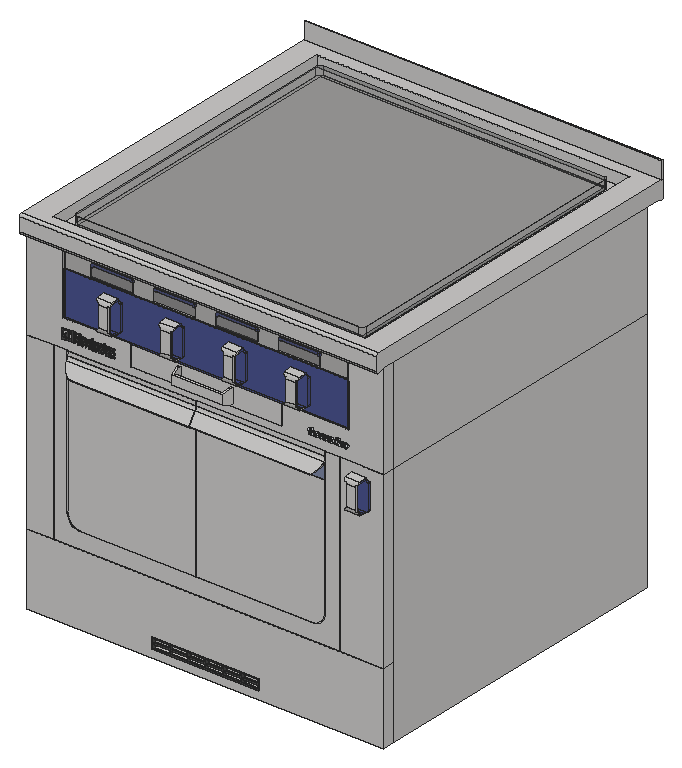
Revit family "QF_ELECTROLUXPROFESSIONAL_588472_MATHFBH4AO", category Attrezzature speciali, Revit 2020
Family settings
  Quota connettore circolare = Usa diametro
  Tipo di parte = Normale
  Basato su piano di lavoro = No
  Sempre verticale = Sì
  Taglio con vuoti quando caricato = No
  Condiviso = No
  Punto di calcolo locali = No
Parameters (values of type "Standard")
  Weight = 143.00 kg
  Watts = 14300 W
  Volts = 400 V
  URL Manufacturer = "https://www.electroluxprofessional.com/"
  URL = "https://www.electroluxprofessional.com/"
  Steam Supply Size = 0"
  Steam Supply Minimum Pressure = 0.00 psi
  Steam Supply Maximum Pressure = 0.00 psi
  Steam Consumption per Hour = 0
  Refrigeration Suction Line Size = 0 mm
  Refrigeration Liquid Line Size = 0 mm
  Refrigerant Compressor Remote = yes
  Prospetto di default = 0 mm
  Phase = 3
  Modello = "MATHFBH4AO"
  Produttore = "Electrolux Professional"
  Length Actual = 800 mm  # constant formula
  Item Number = "588472"
  Hot Water Size = 0"
  Height Actual = 800 mm  # constant formula
  HP = "19.2 HP"
  Gas Size = 0"
  Gas KW = 0
  Gas Input Pressure = 0.0 Btu/h
  Direct Waste Size = 0"
  Descrizione = "EL.FREE COOK.WARM.CAB.1S,BS,800X800X800H"
  Depth Actual = 800 mm  # constant formula
  Cycle = 50 Hz
  Condensate Return Size = 0"
  Compressed Air Volume = 0 GPM
  Compressed Air Size = 0"
  Compressed Air Pressure = 0.00 psi
  Cold Water Size = 0"
  Accessory = yes
Reference planes
  plane 1 "BACK": y = 0
  plane 2: z = 0
  plane 3 "LEFT": x = 0
  plane 4 "RIGHT": x = 800
  plane 5 "FRONT": y = -800
  plane 6 "TOP": z = 900
  plane 7 "Center (Left/Right)": x = 400
  plane 8: y = -400
  plane 9: z = 100
  plane 10: y = -150
  plane 11 "Panel": y = -755
  plane 12: z = 798
  plane 13: z = 1327
  plane 14: x = 78
  plane 15: x = 722
  plane 16: y = -150
  plane 17: y = -650
  plane 18 "EIx": x = 755
  plane 19 "EIy": y = -585
  plane 20: x = 380
  plane 21 "BASE_TOP": z = 650
  plane 22: x = 60
  plane 23: x = 700
  plane 24: z = 260
  plane 25: z = 938
Forms (mm)
  Extrusion 1, solid, material "QF_Finishes_Stainless Steel"
    sketch origin (-178.969, -4571, 100) x (-1, 0, 0) y (0, -1, 0)
      loop
        line (-178.969, -4526) -> (-178.969, -3816) -> (-978.969, -3816) -> (-978.969, -4526) -> (-178.969, -4526)
    from 550 to 762.969
  Extrusion 2, solid, material "QF_Finishes_Stainless Steel"
    sketch origin (0, 0, 0) x (0, 1, 0) y (0, 0, 1)
      loop
        line (-755, 100) -> (-755, 260) -> (-780, 260) -> (-780, 100) -> (-755, 100)
    from 0 to 800
  Extrusion 3, solid, material "QF_Finishes_Stainless Steel"
    sketch origin (-588.969, -4562, 100) x (-1, 0, 0) y (0, -1, 0)
      loop
        circle (-1343.969, -3977) r 6.35
    from 0 to -11.851
  Extrusion 4, solid, material "QF_Finishes_Stainless Steel"
    sketch origin (400, 296.4, 1219.2) x (0, 1, 0) y (0, 0, 1)
      loop
        line (-296.4, -319.2) -> (-1091.4, -319.2)
        arc (-1091.4, -319.2) -> (-1094.935, -320.664) -> (-1096.4, -324.2) r 5
        line (-1096.4, -324.2) -> (-1096.4, -355.2)
        arc (-1096.4, -355.2) -> (-1094.971, -358.264) -> (-1091.705, -359.139) r 4
        line (-1091.705, -359.139) -> (-1076.4, -356.231) -> (-316.4, -356.231) -> (-301.094, -359.139)
        arc (-301.094, -359.139) -> (-297.829, -358.264) -> (-296.4, -355.2) r 4
        line (-296.4, -355.2) -> (-296.4, -319.2)
    from -400 to 400
  Extrusion 5, solid, material "QF_Finishes_Electrolux_Black Smoke Iluminated"
    sketch origin (0, 0, 900) x (-1, 0, 0) y (0, -1, 0)
      loop
        arc (-85, 55) -> (-77.929, 57.929) -> (-75, 65) r 10
        line (-75, 65) -> (-75, 735)
        arc (-75, 735) -> (-77.929, 742.071) -> (-85, 745) r 10
        line (-85, 745) -> (-715, 745)
        arc (-715, 745) -> (-722.071, 742.071) -> (-725, 735) r 10
        line (-725, 735) -> (-725, 65)
        arc (-725, 65) -> (-722.071, 57.929) -> (-715, 55) r 10
        line (-715, 55) -> (-85, 55)
    from 0 to -20
  Extrusion 6, solid, material "QF_Finishes_Stainless Steel"
    sketch origin (-178.969, -4571, 100) x (-1, 0, 0) y (0, -1, 0)
      loop
        line (-178.969, -4526) -> (-178.969, -3816) -> (-978.969, -3816) -> (-978.969, -4526) -> (-178.969, -4526)
    from 550 to 0
  Extrusion 7, void
    sketch origin (0, -755, 0) x (-1, 0, 0) y (0, 0, 1)
      loop
        line (-520, 116.594) -> (-280, 116.594) -> (-280, 141.594) -> (-520, 141.594) -> (-520, 116.594)
    from 0 to -25
  Extrusion 8, solid, material "QF_Finishes_Black"
    sketch origin (0, -755, 0) x (-1, 0, 0) y (0, 0, 1)
      loop
        line (-280, 141.594) -> (-520, 141.594) -> (-520, 116.594) -> (-280, 116.594) -> (-280, 141.594)
      loop
        line (-282, 139.594) -> (-319.131, 139.594) -> (-319.131, 130.094) -> (-282, 130.094) -> (-282, 139.594)
      loop
        line (-282, 118.594) -> (-282, 128.094) -> (-319.131, 128.094) -> (-319.131, 118.594) -> (-282, 118.594)
      loop
        line (-321.131, 139.594) -> (-359.066, 139.594) -> (-359.066, 130.094) -> (-321.131, 130.094) -> (-321.131, 139.594)
      loop
        line (-399, 139.594) -> (-399, 130.094) -> (-361.066, 130.094) -> (-361.066, 139.594) -> (-399, 139.594)
      loop
        line (-401, 139.594) -> (-438.934, 139.594) -> (-438.934, 130.094) -> (-401, 130.094) -> (-401, 139.594)
      loop
        line (-359.066, 118.594) -> (-321.131, 118.594) -> (-321.131, 128.094) -> (-359.066, 128.094) -> (-359.066, 118.594)
      loop
        line (-361.066, 118.594) -> (-361.066, 128.094) -> (-399, 128.094) -> (-399, 118.594) -> (-361.066, 118.594)
      loop
        line (-401, 128.094) -> (-438.934, 128.094) -> (-438.934, 118.594) -> (-401, 118.594) -> (-401, 128.094)
      loop
        line (-518, 139.594) -> (-518, 130.094) -> (-480.869, 130.094) -> (-480.869, 139.594) -> (-518, 139.594)
      loop
        line (-518, 118.594) -> (-480.869, 118.594) -> (-480.869, 128.094) -> (-518, 128.094) -> (-518, 118.594)
      loop
        line (-478.869, 139.594) -> (-478.869, 130.094) -> (-440.934, 130.094) -> (-440.934, 139.594) -> (-478.869, 139.594)
      loop
        line (-440.934, 118.594) -> (-440.934, 128.094) -> (-478.869, 128.094) -> (-478.869, 118.594) -> (-440.934, 118.594)
    from -25.03 to -20
  Extrusion 9, void
    sketch origin (0, 0, 900) x (-1, 0, 0) y (0, -1, 0)
      loop
        line (-50, 770) -> (-750, 770) -> (-750, 30) -> (-50, 30) -> (-50, 770)
    from 0 to -25
  Extrusion 10, solid, material "QF_Finishes_Stainless Steel"
    sketch origin (0, 0, 900) x (-1, 0, 0) y (0, -1, 0)
      loop
        line (-82, 61) -> (-82, 738) -> (-718, 738) -> (-718, 61) -> (-82, 61)
    from -20 to -25
  Extrusion 11, solid, material "QF_Finishes_Stainless Steel"
    sketch origin (0, -755, 0) x (-1, 0, 0) y (0, 0, 1)
      loop
        line (0, 260) -> (0, 650) -> (-60, 650) -> (-60, 260) -> (0, 260)
    from 0 to -25.03
  Extrusion 12, solid, material "QF_Finishes_Stainless Steel"
    sketch origin (0, -755, 0) x (-1, 0, 0) y (0, 0, 1)
      loop
        line (-700, 260) -> (-700, 650) -> (-800, 650) -> (-800, 260) -> (-700, 260)
    from 0 to -25.03
  Extrusion 13, solid, material "QF_Finishes_Stainless Steel"
    sketch origin (70, -755, 0) x (-1, 0, 0) y (0, 0, 1)
      loop
        line (10, 260) -> (10, 650) -> (-20, 650) -> (-20, 325)
        arc (-20, 325) -> (-28.787, 303.787) -> (-50, 295) r 30
        line (-50, 295) -> (-570, 295)
        arc (-570, 295) -> (-591.213, 303.787) -> (-600, 325) r 30
        line (-600, 325) -> (-600, 650) -> (-630, 650) -> (-630, 260) -> (10, 260)
    from 0 to -25.03
  Extrusion 14, solid, material "QF_Finishes_Stainless Steel"
    sketch origin (400, 296.4, 1219.2) x (0, 1, 0) y (0, 0, 1)
      loop
        line (-296.4, -281.2) -> (-298.4, -281.2) -> (-298.4, -319.2) -> (-296.4, -319.2) -> (-296.4, -281.2)
    from 400 to -400
Cuts and joins
  Extrusion 7 cuts Extrusion 6
  Extrusion 7 cuts Extrusion 2
  Extrusion 9 cuts Extrusion 4
Lines and regions (mm)
  symbolic lines
    curve 1: line (0, 0, 100) -> (800, 0, 100)
    curve 2: line (0, -800, 100) -> (0, 0, 100)
    curve 3: line (800, -800, 100) -> (0, -800, 100)
    curve 4: line (800, 0, 100) -> (800, -800, 100)
    curve 5: line (715, -55, 100) -> (88, -55, 100)
    curve 6: line (85, -745, 100) -> (715, -745, 100)
    curve 7: line (725, -735, 100) -> (725, -65, 100)
    curve 8: arc (725, -65, 100) -> (722.071, -57.929, 100) -> (715, -55, 100) r 10
    curve 9: arc (715, -745, 100) -> (722.071, -742.071, 100) -> (725, -735, 100) r 10
    curve 10: line (750, -30, 900) -> (50, -30, 900)
    curve 11: line (50, -30, 900) -> (50, -770, 900)
    curve 12: line (750, -770, 900) -> (750, -30, 900)
    curve 13: line (50, -770, 900) -> (750, -770, 900)
    curve 15: arc (85, -55, 900) -> (77.929, -57.929, 900) -> (75, -65, 900) r 10
    curve 16: arc (75, -735, 900) -> (77.929, -742.071, 900) -> (85, -745, 900) r 10
    curve 17: line (0, -2, 900) -> (800, -2, 900)
  model lines, style "SpecialityEquipment"
    curve 14: line (75, -65, 900) -> (75, -735, 900)
Dimensions and locks
  plane 3 "LEFT" to plane 4 "RIGHT" = 800 mm
  plane 5 "FRONT" to plane 1 "BACK" = 800 mm
  equal spacing: plane 3 "LEFT", plane 7 "Center (Left/Right)", plane 4 "RIGHT"
  equal spacing: plane 5 "FRONT", plane 8, plane 1 "BACK"
  plane 9 to level = 100 mm
  plane 1 "BACK" to plane 10 to plane 11 "Panel" = 150 mm, 605 mm  (x2)
  plane 6 "TOP" to plane 9 to level = 800 mm, 100 mm
  plane 6 "TOP" to level = 900 mm
  plane 1 "BACK" to plane 5 "FRONT" = 800 mm
  plane 1 "BACK" to Extrusion 3 = 585 mm
  plane 12 to plane 9 = 698 mm
  plane 13 to plane 6 "TOP" = 427 mm
  plane 6 "TOP" to plane 12 = 102 mm
  plane 14 to plane 3 "LEFT" = 78 mm
  plane 15 to plane 4 "RIGHT" = 78 mm
  locked: plane 1 "BACK" to plane 16 at 150
  locked: plane 16 to plane 17 at 500
  plane 11 "Panel" to plane 5 "FRONT" = 45 mm
  plane 18 "EIx" to plane 4 "RIGHT" = 45 mm
  plane 19 "EIy" to plane 1 "BACK" = 585 mm
  plane 7 "Center (Left/Right)" to plane 20 = 20 mm
  locked: plane 22 to plane 3 "LEFT" at 60
  plane 23 to plane 4 "RIGHT" = 100 mm
  plane 6 "TOP" to plane 21 "BASE_TOP" to plane 9 to level = 250 mm, 550 mm, 100 mm
  plane 25 to plane 6 "TOP" = 38 mm
  aligned and locked: level to plane 2
  aligned and locked: Extrusion 2 to plane 4 "RIGHT"
  aligned and locked: Extrusion 12 to plane 4 "RIGHT"
  aligned and locked: Extrusion 12 to plane 23
  aligned and locked: plane 21 "BASE_TOP" to Extrusion 12
  aligned and locked: Extrusion 12 to plane 24
  aligned and locked: Extrusion 11 to plane 3 "LEFT"
  aligned and locked: plane 22 to Extrusion 11
  aligned and locked: Extrusion 11 to plane 24
  aligned and locked: Extrusion 13 sketch curve to plane 22
  aligned and locked: Extrusion 13 sketch curve to plane 23
  aligned and locked: Extrusion 13 sketch curve to plane 21 "BASE_TOP"
  aligned and locked: plane 24 to cut or joined group of Extrusion 2, Extrusion 7
  aligned and locked: Extrusion 14 to plane 3 "LEFT"
  aligned and locked: Extrusion 14 to plane 4 "RIGHT"
Automatic sketch dimensions
  Extrusion 1 sketch curve to plane 4 "RIGHT" = 0 mm
  Extrusion 1 sketch curve to plane 3 "LEFT" = 0 mm
  plane 11 "Panel" to Extrusion 1 sketch curve = 0 mm
  plane 1 "BACK" to Extrusion 1 sketch curve = 45 mm
  Extrusion 2 sketch curve to plane 9 = 0 mm
  Extrusion 2 sketch curve to plane 11 "Panel" = 0 mm
  plane 24 to Extrusion 2 sketch curve = 0 mm
  Extrusion 2 sketch curve to plane 5 "FRONT" = 20 mm
  Extrusion 3 sketch curve to plane 18 "EIx" = 0 mm
  Extrusion 3 sketch curve to plane 19 "EIy" = 0 mm
  Extrusion 4 sketch curve to plane 5 "FRONT" = 0 mm
  Extrusion 4 sketch curve to plane 6 "TOP" = 0 mm
  Extrusion 4 sketch curve to plane 1 "BACK" = 0 mm
  Extrusion 4 sketch curve to plane 5 "FRONT" = 4 mm
  Extrusion 4 sketch curve to Extrusion 4 sketch curve = 0.695 mm
  Extrusion 4 sketch curve to plane 5 "FRONT" = 5 mm
  Extrusion 4 sketch curve to Extrusion 4 sketch curve = 15.305 mm
  plane 1 "BACK" to Extrusion 4 sketch curve = 20 mm
  plane 1 "BACK" to Extrusion 4 sketch curve = 4.695 mm
  Extrusion 4 sketch curve to Extrusion 4 sketch curve = 4 mm
  Extrusion 4 sketch curve to Extrusion 4 sketch curve = 31 mm
  Extrusion 4 sketch curve to plane 6 "TOP" = 36 mm
  Extrusion 4 sketch curve to Extrusion 4 sketch curve = 2.909 mm
  Extrusion 5 sketch curve to plane 15 = 3 mm
  plane 14 to Extrusion 5 sketch curve = 3 mm
  plane 15 to Extrusion 5 sketch curve = 7 mm  (x2)
  Extrusion 5 sketch curve to Extrusion 5 sketch curve = 10 mm  (x2)
  plane 10 to Extrusion 5 sketch curve = 95 mm
  plane 17 to Extrusion 5 sketch curve = 85 mm
  Extrusion 6 sketch curve to plane 4 "RIGHT" = 0 mm
  Extrusion 6 sketch curve to plane 3 "LEFT" = 0 mm
  plane 11 "Panel" to Extrusion 6 sketch curve = 0 mm
  plane 1 "BACK" to Extrusion 6 sketch curve = 45 mm
  plane 9 to Extrusion 7 sketch curve = 41.594 mm
  plane 7 "Center (Left/Right)" to Extrusion 7 sketch curve = 120 mm
  Extrusion 7 sketch curve to plane 20 = 100 mm
  plane 9 to Extrusion 7 sketch curve = 16.594 mm
  plane 9 to Extrusion 8 sketch curve = 41.594 mm
  plane 7 "Center (Left/Right)" to Extrusion 8 sketch curve = 120 mm
  Extrusion 8 sketch curve to Extrusion 8 sketch curve = 2 mm  (x16)
  Extrusion 8 sketch curve to Extrusion 8 sketch curve = 0 mm  (x15)
  Extrusion 8 sketch curve to Extrusion 8 sketch curve = 37.131 mm  (x2)
  Extrusion 8 sketch curve to Extrusion 8 sketch curve = 37.934 mm  (x2)
  plane 7 "Center (Left/Right)" to Extrusion 8 sketch curve = 1 mm  (x2)
  Extrusion 8 sketch curve to plane 7 "Center (Left/Right)" = 1 mm  (x2)
  Extrusion 8 sketch curve to plane 20 = 18.934 mm
  plane 9 to Extrusion 8 sketch curve = 18.594 mm  (x4)
  Extrusion 8 sketch curve to Extrusion 8 sketch curve = 9.5 mm  (x6)
  plane 18 "EIx" to Extrusion 9 sketch curve = 5 mm
  Extrusion 9 sketch curve to plane 22 = 10 mm
  plane 10 to Extrusion 9 sketch curve = 120 mm
  Extrusion 9 sketch curve to plane 11 "Panel" = 15 mm
  plane 15 to Extrusion 10 sketch curve = 4 mm
  Extrusion 10 sketch curve to plane 14 = 4 mm
  plane 10 to Extrusion 10 sketch curve = 89 mm
  plane 17 to Extrusion 10 sketch curve = 88 mm
  Extrusion 11 sketch curve to plane 22 = 0 mm
  Extrusion 11 sketch curve to plane 3 "LEFT" = 0 mm
  Extrusion 11 sketch curve to plane 24 = 0 mm
  Extrusion 11 sketch curve to plane 21 "BASE_TOP" = 0 mm
  plane 4 "RIGHT" to Extrusion 12 sketch curve = 0 mm
  Extrusion 12 sketch curve to plane 21 "BASE_TOP" = 0 mm
  Extrusion 12 sketch curve to plane 23 = 0 mm
  Extrusion 12 sketch curve to plane 24 = 0 mm
  Extrusion 13 sketch curve to plane 21 "BASE_TOP" = 0 mm
  Extrusion 13 sketch curve to plane 24 = 0 mm
  Extrusion 13 sketch curve to plane 23 = 30 mm
  Extrusion 13 sketch curve to Extrusion 13 sketch curve = 30 mm
  Extrusion 13 sketch curve to plane 14 = 42 mm
  Extrusion 13 sketch curve to plane 14 = 12 mm
  plane 24 to Extrusion 13 sketch curve = 35 mm
  plane 1 "BACK" to curve 1 = 0 mm
  curve 1 to plane 4 "RIGHT" = 0 mm
  curve 2 to plane 3 "LEFT" = 0 mm
  plane 5 "FRONT" to curve 2 = 0 mm
  curve 7 to plane 15 = 3 mm
  plane 15 to curve 8 = 7 mm
  plane 15 to curve 6 = 7 mm
  plane 1 "BACK" to curve 5 = 55 mm
  plane 11 "Panel" to curve 9 = 20 mm
  curve 5 to plane 14 = 10 mm
  curve 6 to plane 14 = 7 mm
  plane 18 "EIx" to curve 13 = 5 mm
  curve 15 to plane 14 = 7 mm
  curve 16 to plane 14 = 7 mm
  plane 14 to curve 14 = 3 mm
  curve 11 to plane 22 = 10 mm
  plane 1 "BACK" to curve 14 = 65 mm
  plane 1 "BACK" to curve 10 = 30 mm
  plane 11 "Panel" to curve 14 = 20 mm
  curve 12 to plane 11 "Panel" = 15 mm
  Extrusion 14 sketch curve to plane 25 = 0 mm
  Extrusion 14 sketch curve to plane 6 "TOP" = 0 mm
  Extrusion 14 sketch curve to plane 1 "BACK" = 0 mm
  Extrusion 14 sketch curve to Extrusion 14 sketch curve = 2 mm
  curve 17 to plane 4 "RIGHT" = 0 mm
  curve 17 to plane 3 "LEFT" = 0 mm
  plane 1 "BACK" to curve 17 = 2 mm
  radius of Extrusion 3 sketch curve = 6.35 mm
Nested families
  nested 1: "FIT Range Control Handle" at (745, -783.167, -372.751), type "FIT Range Control Handle"
  nested 2: "Front_Panel_W800_Four Knobs" at (202.376, -755, 0), type "Front_Panel_W800_Four Knobs"
  nested 3: "H450H2_2DOOR" at (343.958, -755, 200) x (1, 0, 0) z (0, -1, 0), type "H450H2_2DOOR"
    with Width 580 mm, Wdoor 290 mm, Show Clearance yes
  nested 4: "Warm" at (800, -800, 900), type "Warm"
Connectors
  electrical at (755, -585, 88.149)
    settings: on Extrusion 3, index 1, voltage 400 V, apparent load 33000 VA, apparent load phase1 0 VA, apparent load phase2 0 VA, apparent load phase3 0 VA, power factor 1, load classification "Other", number of poles 1, system type 30, power factor state 1, is connector primary yes, connector utility no, sub classification motor no, connector description "ELECTRICAL CONNECTION"
Definition of nested family "FIT Range Control Handle"
  Parameters
    Default Elevation = 0 mm
  Reference planes
    plane 1 "Center (Front/Back)": y = 0
    plane 2: z = 0
    plane 3 "Center (Left/Right)": x = 0
    plane 4: z = 971.092
    plane 5: y = -16.8
  Forms (mm)
    Extrusion 1, solid
      sketch origin (-746.28, 380.497, 208.931) x (-1, 0, 0) y (0, 0, 1)
        loop
          line (-770.101, 786.798) -> (-770.101, 731.649)
          arc (-770.101, 731.649) -> (-769.759, 730.563) -> (-768.855, 729.87) r 1.893
          line (-768.855, 729.87) -> (-763.474, 727.911) -> (-729.81, 727.911) -> (-724.428, 729.87)
          arc (-724.428, 729.87) -> (-723.525, 730.563) -> (-723.183, 731.649) r 1.893
          line (-723.183, 731.649) -> (-723.183, 786.798)
          arc (-723.183, 786.798) -> (-723.529, 787.894) -> (-724.44, 788.593) r 1.91
          line (-724.44, 788.593) -> (-729.683, 790.819) -> (-763.601, 790.819) -> (-768.844, 788.593)
          arc (-768.844, 788.593) -> (-769.755, 787.894) -> (-770.101, 786.798) r 1.91
      from -382.35 to -378.852
    Sweep 2, solid
      path origin (-746.788, 380.496, 208.091) x (0, -1, 0) y (0, 0, 1)
        loop
          line (379.775, 793.281) -> (395.661, 791.048)
          arc (395.661, 791.048) -> (397.781, 787.377) -> (398.517, 783.202) r 12.207
          line (398.517, 783.202) -> (398.517, 737.368)
          arc (398.517, 737.368) -> (397.781, 733.193) -> (395.661, 729.522) r 12.207
          line (395.661, 729.522) -> (379.775, 727.289)
      profile origin (-746.788, -7.222, 1000.256) x (0, -0.139173, 0.990268) y (-1, 0, 0)
        loop
          line (0.782, -763.123) -> (0.782, -730.907) -> (-1.322, -730.907) -> (-1.322, -763.123) -> (0.782, -763.123)
    Sweep 3, solid
      path origin (-746.788, 380.715, 207.832) x (0, -1, 0) y (0, 0, 1)
        loop
          line (380.478, 795.442) -> (397.218, 793.09)
          arc (397.218, 793.09) -> (399.929, 788.473) -> (400.871, 783.202) r 15.207
          line (400.871, 783.202) -> (400.871, 737.584)
          arc (400.871, 737.584) -> (399.914, 732.274) -> (397.164, 727.633) r 15.207
          line (397.164, 727.633) -> (380.601, 725.305)
      profile origin (-746.788, -8.132, 1002.099) x (0, -0.139173, 0.990268) y (-1, 0, 0)
        loop
          line (0.782, -763.123) -> (0.782, -730.907) -> (-1.322, -730.907) -> (-1.322, -763.123) -> (0.782, -763.123)
    Extrusion 4, void
      sketch origin (889.253, 220.666, 207.993) x (1, 0, 0) y (0, 0, 1)
        loop
          line (-943.038, 816.854) -> (-943.038, 703.686) -> (-899.466, 734.196) -> (-899.466, 786.344) -> (-943.038, 816.854)
      from 230.636 to 242.25
    Extrusion 5, void
      sketch origin (-888.8, 220.666, 207.993) x (-1, 0, 0) y (0, 0, -1)
        loop
          line (-943.038, -816.854) -> (-899.466, -786.344) -> (-899.466, -734.196) -> (-943.038, -703.686) -> (-943.038, -816.854)
      from 230.636 to 242.25
    Extrusion 6, solid
      sketch origin (0, 0, 0) x (1, 0, 0) y (0, 0, 1)
        loop
          circle (0, 971.092) r 7.736
      from -3.137 to -1.645
  Cuts and joins
    Extrusion 4, Extrusion 5 cuts Sweep 3
    Extrusion 4, Extrusion 5 cuts Sweep 2
    joined: Extrusion 1, Extrusion 6
  Lines and regions (mm)
    symbolic lines
      curve 1: line (-15.881, -19.189, 0) -> (-15.881, -16.8, 0)
      curve 2: line (16.334, -19.189, 0) -> (16.334, -16.8, 0)
      curve 3: spline (-15.881, -19.189, 0) -> (-15.417, -19.349, 0) -> (-14.951, -19.501, 0) -> (-14.483, -19.646, 0) -> (-14.014, -19.783, 0) -> (-13.543, -19.912, 0) -> (-13.071, -20.033, 0) -> (-12.597, -20.146, 0) -> (-12.122, -20.251, 0) -> (-11.646, -20.349, 0) -> (-11.169, -20.438, 0) -> (-10.691, -20.52, 0) -> (-10.213, -20.593, 0)
      curve 4: spline (10.666, -20.593, 0) -> (11.144, -20.52, 0) -> (11.622, -20.438, 0) -> (12.099, -20.349, 0) -> (12.575, -20.251, 0) -> (13.05, -20.146, 0) -> (13.524, -20.033, 0) -> (13.996, -19.912, 0) -> (14.467, -19.783, 0) -> (14.936, -19.646, 0) -> (15.404, -19.501, 0) -> (15.87, -19.349, 0) -> (16.334, -19.189, 0)
      curve 5: line (-10.213, -20.938, 0) -> (10.716, -20.938, 0)
  Dimensions and locks
    cut or joined group of Sweep 3, Extrusion 4, Extrusion 5 to cut or joined group of Sweep 3, Extrusion 4, Extrusion 5 = 71.686 mm
Definition of nested family "Front_Panel_W800_Four Knobs"
  Parameters
    Default Elevation = 0 mm
  Reference planes
    plane 1 "Center (Front/Back)": y = 0
    plane 2: z = 0
    plane 3 "Center (Left/Right)": x = 197.624
    plane 4 "Left": x = -202.376
    plane 5 "Right": x = 597.624
    plane 6: y = -45
    plane 7: x = -12.376
    plane 8: x = 127.624
    plane 9: y = -310
    plane 10: y = -25
    plane 11: x = 517.624
    plane 12: x = -122.376
  Forms (mm)
    Extrusion 1, solid
      sketch origin (833.217, 829.203, -1.25) x (0, 1, 0) y (0, 0, 1)
        loop
          line (-854.203, 651.25) -> (-829.203, 651.25) -> (-829.203, 864.25) -> (-854.203, 864.25) -> (-854.203, 651.25)
      from -1035.593 to -235.593
    Extrusion 2, void
      sketch origin (0, 0, 0) x (1, 0, 0) y (0, 0, 1)
        loop
          line (-122.376, 853.866) -> (-122.376, 711.866) -> (517.624, 711.866) -> (517.624, 853.866) -> (-122.376, 853.866)
      from 19.387 to 33.951
    Extrusion 3, void
      sketch origin (0, 0, 0) x (1, 0, 0) y (0, 0, 1)
        loop
          line (30.124, 711.866) -> (30.124, 666.866) -> (370.124, 666.866) -> (370.124, 711.866) -> (30.124, 711.866)
      from 19.387 to 25
    Extrusion 4, solid
      sketch origin (0, 0, 0) x (1, 0, 0) y (0, 0, 1)
        loop
          line (31.124, 710.866) -> (31.124, 667.866) -> (369.124, 667.866) -> (369.124, 710.866) -> (31.124, 710.866)
      from 19.387 to 25
    Extrusion 5, solid
      sketch origin (0, 0, 0) x (1, 0, 0) y (0, 1, 0)
        loop
          line (141.059, -25) -> (135.966, -25) -> (140.646, -49.075) -> (254.603, -49.075) -> (259.283, -25) -> (254.189, -25) -> (250.481, -44.075) -> (144.767, -44.075) -> (141.059, -25)
      from 672.593 to 705.67
    Extrusion 6, void
      sketch origin (197.624, 0, 0) x (0, 1, 0) y (0, 0, 1)
        loop
          line (-30, 705.67) -> (-30, 710.67) -> (-56.744, 710.67) -> (-56.744, 667.593) -> (-30, 667.593) -> (-30, 672.593) -> (-53.776, 680.318) -> (-53.776, 697.945) -> (-30, 705.67)
      from -70 to 70
    Extrusion 7, solid, detail levels coarse
      sketch origin (0, -265, 0) x (1, 0, 0) y (0, 1, 0)
        loop
          line (140.646, -69.075) -> (254.603, -69.075) -> (259.283, -45) -> (364.124, -45) -> (364.124, 240) -> (31.124, 240) -> (31.124, -45) -> (135.966, -45) -> (140.646, -69.075)
      from 672.593 to 705.67
    Extrusion 8, void
      sketch origin (197.624, -280, 0) x (0, 1, 0) y (0, 0, 1)
        loop
          line (-30, 705.67) -> (-30, 710.67) -> (-56.744, 710.67) -> (-56.744, 667.593) -> (-30, 667.593) -> (-30, 672.593) -> (-53.776, 680.318) -> (-53.776, 697.945) -> (-30, 705.67)
      from -70 to 70
  Cuts and joins
    Extrusion 2, Extrusion 3 cuts Extrusion 1
    Extrusion 6, Extrusion 8 cuts Extrusion 5
    Extrusion 8 cuts Extrusion 7
  Lines and regions (mm)
    symbolic lines
      curve 1: line (31.124, -45, 0) -> (31.124, -310, 0)
      curve 2: line (31.124, -310, 0) -> (364.124, -310, 0)
      curve 3: line (135.966, -310, 0) -> (140.646, -334.075, 0)
      curve 4: line (140.646, -334.075, 0) -> (254.603, -334.075, 0)
      curve 5: line (254.603, -334.075, 0) -> (259.283, -310, 0)
      curve 6: line (364.124, -310, 0) -> (364.124, -45, 0)
      curve 7: line (31.124, -300, 0) -> (364.124, -300, 0)
      curve 8: line (140.874, -309.046, 0) -> (144.767, -329.075, 0)
      curve 9: line (144.767, -329.075, 0) -> (250.481, -329.075, 0)
      curve 10: line (250.481, -329.075, 0) -> (254.375, -309.046, 0)
  Dimensions and locks
    equal spacing: plane 5 "Right", plane 3 "Center (Left/Right)", plane 4 "Left"
    plane 5 "Right" to plane 4 "Left" = 800 mm
    plane 3 "Center (Left/Right)" to plane 7 = 210 mm
    plane 3 "Center (Left/Right)" to plane 8 = 70 mm
    plane 6 to plane 9 = 265 mm
    aligned and locked: cut or joined group of Extrusion 1, Extrusion 2, Extrusion 3 to plane 4 "Left"
    aligned and locked: plane 5 "Right" to cut or joined group of Extrusion 1, Extrusion 2, Extrusion 3
    aligned and locked: plane 3 "Center (Left/Right)" to nested 2
    aligned and locked: cut or joined group of Extrusion 1, Extrusion 2, Extrusion 3 to nested 2
  Automatic sketch dimensions
    plane 7 to Extrusion 3 sketch curve = 42.5 mm
    plane 3 "Center (Left/Right)" to Extrusion 3 sketch curve = 172.5 mm
    level to Extrusion 3 sketch curve = 666.866 mm
    Extrusion 3 sketch curve to Extrusion 3 sketch curve = 45 mm
    plane 7 to Extrusion 4 sketch curve = 43.5 mm
    plane 3 "Center (Left/Right)" to Extrusion 4 sketch curve = 171.5 mm
    level to Extrusion 4 sketch curve = 667.866 mm
    Extrusion 4 sketch curve to Extrusion 4 sketch curve = 43 mm
    plane 8 to Extrusion 5 sketch curve = 8.342 mm
    plane 6 to Extrusion 5 sketch curve = 4.075 mm
    plane 8 to Extrusion 5 sketch curve = 13.021 mm
    Extrusion 5 sketch curve to Extrusion 5 sketch curve = 5.094 mm  (x2)
    Extrusion 5 sketch curve to plane 6 = 0.925 mm
    Extrusion 5 sketch curve to Extrusion 5 sketch curve = 4.122 mm  (x2)
    plane 3 "Center (Left/Right)" to Extrusion 5 sketch curve = 52.857 mm
    Extrusion 5 sketch curve to plane 6 = 20 mm  (x2)
    Extrusion 5 sketch curve to Extrusion 5 sketch curve = 3.708 mm
    plane 6 to Extrusion 6 sketch curve = 11.744 mm
    plane 6 to Extrusion 6 sketch curve = 8.776 mm
    Extrusion 6 sketch curve to plane 6 = 15 mm  (x2)
    level to Extrusion 6 sketch curve = 667.593 mm
    Extrusion 6 sketch curve to Extrusion 6 sketch curve = 5 mm
    Extrusion 6 sketch curve to Extrusion 6 sketch curve = 12.725 mm  (x2)
    Extrusion 6 sketch curve to Extrusion 6 sketch curve = 17.627 mm
    Extrusion 6 sketch curve to Extrusion 6 sketch curve = 7.725 mm
    Extrusion 8 sketch curve to plane 9 = 26.744 mm
    Extrusion 8 sketch curve to plane 9 = 23.776 mm
    plane 9 to Extrusion 8 sketch curve = 0 mm  (x2)
    level to Extrusion 8 sketch curve = 667.593 mm
    Extrusion 8 sketch curve to Extrusion 8 sketch curve = 5 mm
    Extrusion 8 sketch curve to Extrusion 8 sketch curve = 12.725 mm  (x2)
    Extrusion 8 sketch curve to Extrusion 8 sketch curve = 17.627 mm
    Extrusion 8 sketch curve to Extrusion 8 sketch curve = 7.725 mm
    plane 9 to Extrusion 7 sketch curve = 0 mm  (x2)
    plane 7 to Extrusion 7 sketch curve = 43.5 mm
    plane 8 to Extrusion 7 sketch curve = 8.342 mm
    Extrusion 7 sketch curve to plane 9 = 24.075 mm
    plane 8 to Extrusion 7 sketch curve = 13.021 mm
    Extrusion 7 sketch curve to Extrusion 7 sketch curve = 104.842 mm
    Extrusion 7 sketch curve to plane 6 = 20 mm
    plane 3 "Center (Left/Right)" to Extrusion 7 sketch curve = 56.979 mm
    Extrusion 7 sketch curve to Extrusion 7 sketch curve = 4.68 mm
    Extrusion 1 sketch curve to plane 1 "Center (Front/Back)" = 0 mm
    level to Extrusion 1 sketch curve = 650 mm
    plane 4 "Left" to Extrusion 2 sketch curve = 80 mm
    Extrusion 2 sketch curve to plane 5 "Right" = 80 mm
    level to Extrusion 2 sketch curve = 711.866 mm
    Extrusion 2 sketch curve to Extrusion 2 sketch curve = 142 mm
    plane 6 to curve 1 = 0 mm
    plane 6 to curve 6 = 0 mm
    plane 9 to curve 1 = 0 mm
    plane 7 to curve 1 = 43.5 mm
    curve 4 to plane 9 = 24.075 mm
    plane 8 to curve 4 = 13.021 mm
    curve 3 to curve 8 = 4.122 mm
    plane 3 "Center (Left/Right)" to curve 4 = 56.979 mm
    curve 4 to curve 2 = 109.521 mm
    plane 8 to curve 3 = 8.342 mm
    curve 3 to curve 8 = 4.908 mm
    curve 9 to curve 4 = 4.122 mm
    curve 10 to plane 9 = 19.075 mm
    curve 9 to curve 5 = 8.801 mm
    plane 9 to curve 10 = 0.954 mm
    curve 10 to curve 5 = 4.908 mm
    curve 3 to curve 8 = 0.954 mm
    curve 1 to curve 7 = 10 mm
    Extrusion 1 sketch curve to plane 6 = 20 mm
    Extrusion 1 sketch curve to Extrusion 1 sketch curve = 213 mm
  Nested families
    nested 1: "Range Control Handle" at (-12.376, -28.137, -209.113) x (-1, 0, 0) z (0, 0, 1), type "Range Control Handle"
    nested 2: "Front glass control panel W800" at (197.624, 280.644, 2.752), type "Front glass control panel W800"
    nested 3: "Range Control Handle" at (127.624, -28.137, -209.113) x (-1, 0, 0) z (0, 0, 1), type "Range Control Handle"
    nested 4: "Range Control Handle" at (407.624, -28.137, -209.113), type "Range Control Handle"
    nested 5: "Range Control Handle" at (267.624, -28.137, -209.113), type "Range Control Handle"
    nested 6: "ELX_ThermaLine_Small" at (468.838, -25, 679.426) x (1, 0, 0) z (0, -1, 0), type "ELX_ThermaLine_Small"
      with Show Logo yes, Material_Logo none
    nested 7: "ELX_Professional_Logo_Small" at (-62.89, -25, 681.659) x (1, 0, 0) z (0, -1, 0), type "ELX_Professional_Logo_Small"
      with Show Logo yes, Material_Logo none
  Definition of nested family "Range Control Handle"
    Parameters
      Default Elevation = 0 mm
    Reference planes
      plane 1 "Center (Front/Back)": y = 0
      plane 2: z = 0
      plane 3 "Center (Left/Right)": x = 0
      plane 4: z = 971.092
      plane 5: y = -16.9
    Forms (mm)
      Extrusion 1, solid
        sketch origin (-746.28, 380.497, 208.931) x (-1, 0, 0) y (0, 0, 1)
          loop
            line (-770.101, 786.798) -> (-770.101, 731.649)
            arc (-770.101, 731.649) -> (-769.759, 730.563) -> (-768.855, 729.87) r 1.893
            line (-768.855, 729.87) -> (-763.474, 727.911) -> (-729.81, 727.911) -> (-724.428, 729.87)
            arc (-724.428, 729.87) -> (-723.525, 730.563) -> (-723.183, 731.649) r 1.893
            line (-723.183, 731.649) -> (-723.183, 786.798)
            arc (-723.183, 786.798) -> (-723.529, 787.894) -> (-724.44, 788.593) r 1.91
            line (-724.44, 788.593) -> (-729.683, 790.819) -> (-763.601, 790.819) -> (-768.844, 788.593)
            arc (-768.844, 788.593) -> (-769.755, 787.894) -> (-770.101, 786.798) r 1.91
        from -382.35 to -378.852
      Sweep 2, solid
        path origin (-746.788, 380.496, 208.091) x (0, -1, 0) y (0, 0, 1)
          loop
            line (379.775, 793.281) -> (395.661, 791.048)
            arc (395.661, 791.048) -> (397.781, 787.377) -> (398.517, 783.202) r 12.207
            line (398.517, 783.202) -> (398.517, 737.368)
            arc (398.517, 737.368) -> (397.781, 733.193) -> (395.661, 729.522) r 12.207
            line (395.661, 729.522) -> (379.775, 727.289)
        profile origin (-746.788, -7.222, 1000.256) x (0, -0.139173, 0.990268) y (-1, 0, 0)
          loop
            line (0.782, -763.123) -> (0.782, -730.907) -> (-1.322, -730.907) -> (-1.322, -763.123) -> (0.782, -763.123)
      Sweep 3, solid
        path origin (-746.788, 380.715, 207.832) x (0, -1, 0) y (0, 0, 1)
          loop
            line (380.478, 795.442) -> (397.218, 793.09)
            arc (397.218, 793.09) -> (399.929, 788.473) -> (400.871, 783.202) r 15.207
            line (400.871, 783.202) -> (400.871, 737.584)
            arc (400.871, 737.584) -> (399.914, 732.274) -> (397.164, 727.633) r 15.207
            line (397.164, 727.633) -> (380.601, 725.305)
        profile origin (-746.788, -8.132, 1002.099) x (0, -0.139173, 0.990268) y (-1, 0, 0)
          loop
            line (0.782, -763.123) -> (0.782, -730.907) -> (-1.322, -730.907) -> (-1.322, -763.123) -> (0.782, -763.123)
      Extrusion 4, void
        sketch origin (889.253, 220.666, 207.993) x (1, 0, 0) y (0, 0, 1)
          loop
            line (-943.038, 816.854) -> (-943.038, 703.686) -> (-899.466, 734.196) -> (-899.466, 786.344) -> (-943.038, 816.854)
        from 230.636 to 242.25
      Extrusion 5, void
        sketch origin (-888.8, 220.666, 207.993) x (-1, 0, 0) y (0, 0, -1)
          loop
            line (-943.038, -816.854) -> (-899.466, -786.344) -> (-899.466, -734.196) -> (-943.038, -703.686) -> (-943.038, -816.854)
        from 230.636 to 242.25
      Extrusion 6, solid
        sketch origin (0, 0, 0) x (1, 0, 0) y (0, 0, 1)
          loop
            circle (0, 971.092) r 7.736
        from -3.137 to -1.645
    Cuts and joins
      Extrusion 4, Extrusion 5 cuts Sweep 3
      Extrusion 4, Extrusion 5 cuts Sweep 2
      joined: Extrusion 1, Extrusion 6
    Lines and regions (mm)
      symbolic lines
        curve 1: line (16.334, -16.9, 0) -> (16.334, -19.227, 0)
        curve 2: spline (16.334, -19.227, 0) -> (15.87, -19.385, 0) -> (15.404, -19.536, 0) -> (14.936, -19.678, 0) -> (14.466, -19.813, 0) -> (13.995, -19.94, 0) -> (13.523, -20.059, 0) -> (13.049, -20.171, 0) -> (12.575, -20.274, 0) -> (12.099, -20.37, 0) -> (11.622, -20.458, 0) -> (11.144, -20.537, 0) -> (10.666, -20.609, 0)
        curve 3: line (10.666, -16.9, 0) -> (10.666, -20.938, 0)
        curve 4: line (-10.213, -20.938, 0) -> (10.666, -20.938, 0)
        curve 5: line (-10.213, -20.938, 0) -> (-10.213, -16.9, 0)
        curve 6: spline (-10.213, -20.609, 0) -> (-10.691, -20.537, 0) -> (-11.169, -20.458, 0) -> (-11.646, -20.37, 0) -> (-12.122, -20.274, 0) -> (-12.597, -20.171, 0) -> (-13.07, -20.059, 0) -> (-13.542, -19.94, 0) -> (-14.013, -19.813, 0) -> (-14.483, -19.678, 0) -> (-14.951, -19.536, 0) -> (-15.417, -19.385, 0) -> (-15.881, -19.227, 0)
        curve 7: line (-15.881, -19.227, 0) -> (-15.881, -16.9, 0)
  Definition of nested family "Front glass control panel W800"
    Parameters
      Default Elevation = 0 mm
    Reference planes
      plane 1 "Center (Front/Back)": y = 0
      plane 2: z = 0
      plane 3 "Center (Left/Right)": x = 0
    Forms (mm)
      Extrusion 1, solid
        sketch origin (378.286, 0, 0.617) x (1, 0, 0) y (0, 0, 1)
          loop
            line (-698.286, 806.791) -> (-698.286, 708.497) -> (-58.286, 708.497) -> (-58.286, 806.791) -> (-698.286, 806.791)
        from 300.031 to 304.8
      Extrusion 2, solid
        sketch origin (378.286, 0, 0.617) x (1, 0, 0) y (0, 0, 1)
          loop
            line (-698.286, 850.497) -> (-698.286, 806.791) -> (-58.286, 806.791) -> (-58.286, 850.497) -> (-698.286, 850.497)
        from 300.031 to 304.8
      Extrusion 3, void
        sketch origin (378.286, 0, 0.617) x (1, 0, 0) y (0, 0, 1)
          loop
            line (-695.628, 847.565) -> (-695.628, 710.699) -> (-61.196, 710.699) -> (-61.196, 847.565) -> (-695.628, 847.565)
        from 303.697 to 304.8
      Extrusion 4, solid
        sketch origin (-378.333, 1.101, -0.633) x (-1, 0, 0) y (0, 0, -1)
          loop
            line (-261.431, -812.62) -> (-355.186, -812.62) -> (-355.186, -834.177) -> (-350.269, -834.177) -> (-348.469, -835.977) -> (-268.039, -835.977) -> (-266.24, -834.177) -> (-261.431, -834.177) -> (-261.431, -812.62)
        from 304.798 to 306.745
      Extrusion 5, solid
        sketch origin (-378.333, 1.101, -0.633) x (-1, 0, 0) y (0, 0, -1)
          loop
            line (-350.269, -834.177) -> (-355.078, -834.177)
            arc (-355.078, -834.177) -> (-353.942, -838.747) -> (-349.686, -840.763) r 5.5
            line (-349.686, -840.763) -> (-266.98, -840.763)
            arc (-266.98, -840.763) -> (-262.706, -838.752) -> (-261.529, -834.177) r 5.549
            line (-261.529, -834.177) -> (-266.24, -834.177) -> (-268.039, -835.977) -> (-348.469, -835.977) -> (-350.269, -834.177)
        from 304.798 to 306.745
      Extrusion 6, solid
        sketch origin (-518.333, 1.101, -0.633) x (-1, 0, 0) y (0, 0, -1)
          loop
            line (-261.431, -812.62) -> (-355.186, -812.62) -> (-355.186, -834.177) -> (-350.269, -834.177) -> (-348.469, -835.977) -> (-268.039, -835.977) -> (-266.24, -834.177) -> (-261.431, -834.177) -> (-261.431, -812.62)
        from 304.798 to 306.745
      Extrusion 7, solid
        sketch origin (-518.333, 1.101, -0.633) x (-1, 0, 0) y (0, 0, -1)
          loop
            line (-350.269, -834.177) -> (-355.078, -834.177)
            arc (-355.078, -834.177) -> (-353.942, -838.747) -> (-349.686, -840.763) r 5.5
            line (-349.686, -840.763) -> (-266.98, -840.763)
            arc (-266.98, -840.763) -> (-262.706, -838.752) -> (-261.529, -834.177) r 5.549
            line (-261.529, -834.177) -> (-266.24, -834.177) -> (-268.039, -835.977) -> (-348.469, -835.977) -> (-350.269, -834.177)
        from 304.798 to 306.745
      Extrusion 8, solid
        sketch origin (378.333, 1.101, -0.633) x (1, 0, 0) y (0, 0, 1)
          loop
            line (-261.431, 812.62) -> (-261.431, 834.177) -> (-266.24, 834.177) -> (-268.039, 835.977) -> (-348.469, 835.977) -> (-350.269, 834.177) -> (-355.186, 834.177) -> (-355.186, 812.62) -> (-261.431, 812.62)
        from 304.798 to 306.745
      Extrusion 9, solid
        sketch origin (378.333, 1.101, -0.633) x (1, 0, 0) y (0, 0, 1)
          loop
            line (-350.269, 834.177) -> (-348.469, 835.977) -> (-268.039, 835.977) -> (-266.24, 834.177) -> (-261.529, 834.177)
            arc (-261.529, 834.177) -> (-262.706, 838.752) -> (-266.98, 840.763) r 5.549
            line (-266.98, 840.763) -> (-349.686, 840.763)
            arc (-349.686, 840.763) -> (-353.942, 838.747) -> (-355.078, 834.177) r 5.5
            line (-355.078, 834.177) -> (-350.269, 834.177)
        from 304.798 to 306.745
      Extrusion 10, solid
        sketch origin (518.333, 1.101, -0.633) x (1, 0, 0) y (0, 0, 1)
          loop
            line (-261.431, 812.62) -> (-261.431, 834.177) -> (-266.24, 834.177) -> (-268.039, 835.977) -> (-348.469, 835.977) -> (-350.269, 834.177) -> (-355.186, 834.177) -> (-355.186, 812.62) -> (-261.431, 812.62)
        from 304.798 to 306.745
      Extrusion 11, solid
        sketch origin (518.333, 1.101, -0.633) x (1, 0, 0) y (0, 0, 1)
          loop
            line (-350.269, 834.177) -> (-348.469, 835.977) -> (-268.039, 835.977) -> (-266.24, 834.177) -> (-261.529, 834.177)
            arc (-261.529, 834.177) -> (-262.706, 838.752) -> (-266.98, 840.763) r 5.549
            line (-266.98, 840.763) -> (-349.686, 840.763)
            arc (-349.686, 840.763) -> (-353.942, 838.747) -> (-355.078, 834.177) r 5.5
            line (-355.078, 834.177) -> (-350.269, 834.177)
        from 304.798 to 306.745
    Cuts and joins
      Extrusion 3 cuts Extrusion 1
      Extrusion 3 cuts Extrusion 2
    Dimensions and locks
      aligned and locked: Extrusion 1 to Extrusion 2
      aligned and locked: Extrusion 5 sketch curve to Extrusion 4  (x5)
      aligned and locked: Extrusion 5 to Extrusion 4
      aligned and locked: Extrusion 7 sketch curve to Extrusion 6  (x5)
      aligned and locked: Extrusion 7 to Extrusion 6
      aligned and locked: Extrusion 9 sketch curve to Extrusion 8  (x4)
      aligned and locked: Extrusion 8 to Extrusion 9 sketch curve
      aligned and locked: Extrusion 9 to Extrusion 8
      aligned and locked: Extrusion 11 sketch curve to Extrusion 10  (x4)
      aligned and locked: Extrusion 10 to Extrusion 11 sketch curve
      aligned and locked: Extrusion 11 to Extrusion 10
  Definition of nested family "ELX_ThermaLine_Small"
    Parameters
      Show Logo [instance] = yes
      Material_Logo [instance] = none
      Default Elevation = 0 mm
    Reference planes
      plane 1 "Centro (Fronte/Retro)": y = 0
      plane 2: z = 0
      plane 3 "Centro (Sinistra/Destra)": x = 0
    Forms (mm)
      Extrusion 1, solid
        sketch origin (0, 0, 0) x (1, 0, 0) y (0, 1, 0)
          loop
            line (-1219.2, 1219.2) -> (-1219.2, -1219.2) -> (1219.2, -1219.2) -> (1219.2, 1219.2) -> (-1219.2, 1219.2)
        from 0 to -304.8
      Extrusion 2, solid
        sketch origin (0, 0, 0) x (1, 0, 0) y (0, 1, 0)
          loop
            line (-37.494, 1.229) -> (-35.908, 1.229) -> (-35.908, 3.066) -> (-37.494, 3.066) -> (-37.494, 6.221) -> (-39.867, 4.881) -> (-39.867, 3.066) -> (-40.969, 3.066) -> (-40.969, 1.229) -> (-39.867, 1.229) -> (-39.867, -3.407)
            arc (-39.867, -3.407) -> (-38.982, -5.513) -> (-36.751, -6.001) r 2.478
            line (-36.751, -6.001) -> (-35.638, -5.7) -> (-35.9, -3.835) -> (-36.661, -4.039)
            arc (-36.661, -4.039) -> (-37.236, -3.924) -> (-37.494, -3.399) r 0.662
            line (-37.494, -3.399) -> (-37.494, 1.229)
          loop
            line (-34.242, 6.539) -> (-34.242, -5.848) -> (-31.854, -5.848) -> (-31.854, -0.078)
            arc (-31.854, -0.078) -> (-30.939, 1.249) -> (-29.33, 1.367) r 1.866
            arc (-29.33, 1.367) -> (-28.695, 0.768) -> (-28.461, -0.073) r 1.627
            line (-28.461, -0.073) -> (-28.461, -5.848) -> (-26.086, -5.848) -> (-26.064, -0.46)
            arc (-26.064, -0.46) -> (-26.261, 0.932) -> (-26.786, 2.237) r 5.825
            arc (-26.786, 2.237) -> (-29.381, 3.264) -> (-31.854, 1.971) r 3.353
            line (-31.854, 1.971) -> (-31.854, 6.539) -> (-34.242, 6.539)
          loop
            arc (-18.398, -0.598) -> (-18.893, 0.879) -> (-20.326, 1.487) r 1.897
            arc (-20.326, 1.487) -> (-21.461, 0.708) -> (-21.897, -0.598) r 2.164
            line (-21.897, -0.598) -> (-18.398, -0.598)
          loop
            arc (-16.021, -2.044) -> (-16.754, 1.227) -> (-19.444, 3.226) r 4.814
            arc (-19.444, 3.226) -> (-22.137, 2.788) -> (-23.943, 0.743) r 4.054
            arc (-23.943, 0.743) -> (-24.382, -1.249) -> (-24.162, -3.276) r 6.289
            arc (-24.162, -3.276) -> (-23.302, -4.71) -> (-21.958, -5.705) r 4.28
            arc (-21.958, -5.705) -> (-18.558, -5.814) -> (-16.152, -3.409) r 4.28
            line (-16.152, -3.409) -> (-18.5, -2.995)
            arc (-18.5, -2.995) -> (-19.273, -3.994) -> (-20.533, -4.076) r 1.536
            arc (-20.533, -4.076) -> (-21.56, -3.281) -> (-21.958, -2.044) r 2.197
            line (-21.958, -2.044) -> (-16.021, -2.044)
          loop
            line (-14.165, -5.848) -> (-11.819, -5.848) -> (-11.819, -2.138)
            arc (-11.819, -2.138) -> (-11.787, -1.156) -> (-11.637, -0.185) r 8.18
            arc (-11.637, -0.185) -> (-10.644, 0.972) -> (-9.132, 0.776) r 1.603
            line (-9.132, 0.776) -> (-8.419, 2.846)
            arc (-8.419, 2.846) -> (-10.432, 3.118) -> (-11.994, 1.821) r 2.527
            line (-11.994, 1.821) -> (-11.994, 3.094) -> (-14.165, 3.094) -> (-14.165, -5.848)
          loop
            line (-7.579, 3.094) -> (-7.579, -5.848) -> (-5.178, -5.848) -> (-5.178, -0.756)
            arc (-5.178, -0.756) -> (-4.727, 0.679) -> (-3.417, 1.419) r 2.05
            arc (-3.417, 1.419) -> (-2.499, 0.908) -> (-2.155, -0.085) r 1.471
            line (-2.155, -0.085) -> (-2.155, -5.848) -> (0.23, -5.848) -> (0.23, -1.001)
            arc (0.23, -1.001) -> (0.47, 0.127) -> (1.148, 1.061) r 2.775
            arc (1.148, 1.061) -> (2.225, 1.329) -> (3.05, 0.587) r 1.182
            arc (3.05, 0.587) -> (3.199, -0.019) -> (3.214, -0.642) r 2.894
            line (3.214, -0.642) -> (3.214, -5.848) -> (5.601, -5.848) -> (5.601, 0.261)
            arc (5.601, 0.261) -> (4.87, 2.263) -> (2.976, 3.241) r 2.932
            arc (2.976, 3.241) -> (1.284, 2.973) -> (-0.047, 1.896) r 3.309
            arc (-0.047, 1.896) -> (-1.116, 2.865) -> (-2.506, 3.258) r 3.16
            arc (-2.506, 3.258) -> (-4.105, 2.942) -> (-5.376, 1.92) r 3.419
            line (-5.376, 1.92) -> (-5.376, 3.094) -> (-7.579, 3.094)
          loop
            line (7.583, 0.738) -> (9.702, 0.364)
            arc (9.702, 0.364) -> (11.441, 1.492) -> (12.855, -0.023) r 1.613
            line (12.855, -0.023) -> (9.782, -0.789)
            arc (9.782, -0.789) -> (8.559, -1.346) -> (7.617, -2.305) r 3.687
            arc (7.617, -2.305) -> (7.499, -3.681) -> (7.901, -5.003) r 3.651
            arc (7.901, -5.003) -> (9.107, -5.766) -> (10.515, -6.006) r 3.635
            arc (10.515, -6.006) -> (11.898, -5.697) -> (13.067, -4.895) r 3.734
            line (13.067, -4.895) -> (13.376, -5.848) -> (15.75, -5.848) -> (15.212, -4.193) -> (15.212, 0.38)
            arc (15.212, 0.38) -> (14.897, 1.849) -> (13.818, 2.895) r 2.585
            arc (13.818, 2.895) -> (11.792, 3.442) -> (9.719, 3.11) r 5.005
            arc (9.719, 3.11) -> (8.369, 2.178) -> (7.583, 0.738) r 3.54
          loop
            line (19.723, -5.848) -> (22.233, -5.848) -> (24.854, 6.484) -> (22.345, 6.484) -> (19.723, -5.848)
          loop
            line (24.583, -5.848) -> (26.953, -5.848) -> (28.848, 3.066) -> (26.478, 3.066) -> (24.583, -5.848)
          loop
            line (27.204, 6.484) -> (26.741, 4.305) -> (29.111, 4.305) -> (29.575, 6.484) -> (27.204, 6.484)
          loop
            line (29.355, -5.848) -> (31.849, -5.848) -> (33.098, 0.028)
            arc (33.098, 0.028) -> (34.169, 1.306) -> (35.832, 1.422) r 2.132
            arc (35.832, 1.422) -> (36.324, 0.752) -> (36.383, -0.078) r 1.5
            line (36.383, -0.078) -> (35.157, -5.848) -> (37.536, -5.848) -> (38.936, 0.738)
            arc (38.936, 0.738) -> (38.775, 2.091) -> (37.825, 3.066) r 2.118
            arc (37.825, 3.066) -> (35.392, 3.175) -> (33.295, 1.937) r 4.271
            line (33.295, 1.937) -> (33.535, 3.066) -> (31.25, 3.066) -> (29.355, -5.848)
          loop
            line (42.792, -0.64) -> (46.589, -0.64)
            arc (46.589, -0.64) -> (46.639, 0.124) -> (46.327, 0.823) r 1.589
            arc (46.327, 0.823) -> (45.117, 1.521) -> (43.762, 1.183) r 1.865
            arc (43.762, 1.183) -> (43.141, 0.344) -> (42.792, -0.64) r 3.538
          loop
            line (42.565, -2.138) -> (48.593, -2.138)
            arc (48.593, -2.138) -> (48.58, 0.597) -> (46.983, 2.818) r 4.494
            arc (46.983, 2.818) -> (44.191, 3.28) -> (41.725, 1.891) r 4.26
            arc (41.725, 1.891) -> (40.503, -0.3) -> (40.284, -2.799) r 6.003
            arc (40.284, -2.799) -> (40.959, -4.468) -> (42.377, -5.576) r 3.482
            arc (42.377, -5.576) -> (44.265, -5.961) -> (46.152, -5.576) r 4.823
            arc (46.152, -5.576) -> (47.432, -4.731) -> (48.328, -3.485) r 4.245
            line (48.328, -3.485) -> (46.168, -3.105)
            arc (46.168, -3.105) -> (45.214, -4.072) -> (43.859, -4.181) r 1.953
            arc (43.859, -4.181) -> (42.821, -3.408) -> (42.565, -2.138) r 1.81
          loop
            line (12.868, -1.553) -> (10.216, -2.214)
            arc (10.216, -2.214) -> (9.747, -3.136) -> (10.216, -4.058) r 1.14
            arc (10.216, -4.058) -> (11.537, -4.249) -> (12.614, -3.46) r 1.763
            arc (12.614, -3.46) -> (12.858, -2.522) -> (12.868, -1.553) r 3.97
        from 0 to 1.6
    Dimensions and locks
      aligned and locked: plane 2 to Extrusion 1
      aligned and locked: level to Extrusion 1
  Definition of nested family "ELX_Professional_Logo_Small"
    Parameters
      Show Logo [instance] = yes
      Material_Logo [instance] = none
      Default Elevation = 0 mm
    Reference planes
      plane 1 "Centro (Fronte/Retro)": y = 0
      plane 2: z = 0
      plane 3 "Centro (Sinistra/Destra)": x = 0
    Forms (mm)
      Extrusion 1, solid
        sketch origin (0, 0, 0) x (1, 0, 0) y (0, 1, 0)
          loop
            line (-1219.2, 1219.2) -> (-1219.2, -1219.2) -> (1219.2, -1219.2) -> (1219.2, 1219.2) -> (-1219.2, 1219.2)
        from 0 to -304.8
      Extrusion 2, solid, material <- "Material_Logo"
        sketch origin (15.5, 0, 0) x (1, 0, 0) y (0, 1, 0)
          loop
            spline (-42.99, -1.24) -> (-43.195, -1.231) -> (-43.415, -1.203) -> (-43.642, -1.152) -> (-43.87, -1.074) -> (-44.095, -0.966) -> (-44.309, -0.825) -> (-44.506, -0.647) -> (-44.681, -0.429) -> (-44.828, -0.167) -> (-44.94, 0.142) -> (-45.011, 0.501) -> (-45.037, 0.915)
            line (-45.037, 0.915) -> (-45.037, 2.748) -> (-38.984, 2.748) -> (-38.984, 5.086) -> (-45.038, 5.086) -> (-45.038, 8.489) -> (-38.599, 8.489) -> (-38.599, 10.82) -> (-47.515, 10.82) -> (-47.515, 1.021)
            spline (-47.515, 1.021) -> (-47.493, 0.418) -> (-47.425, -0.15) -> (-47.311, -0.682) -> (-47.15, -1.175) -> (-46.939, -1.628) -> (-46.678, -2.038) -> (-46.365, -2.404) -> (-46, -2.723) -> (-45.58, -2.995) -> (-45.105, -3.216) -> (-44.573, -3.385) -> (-43.983, -3.499)
            line (-43.983, -3.499) -> (-43.01, -3.569) -> (-38.426, -3.569) -> (-38.426, -1.24) -> (-42.99, -1.24)
          loop
            line (-36.666, 4.021) -> (-36.666, -3.573) -> (-34.188, -3.573) -> (-34.188, 10.824) -> (-36.666, 10.824) -> (-36.666, 4.021)
          loop
            spline (-21.915, 1.897) -> (-21.957, 2.615) -> (-22.082, 3.303) -> (-22.285, 3.955) -> (-22.563, 4.564) -> (-22.913, 5.124) -> (-23.331, 5.629) -> (-23.814, 6.074) -> (-24.359, 6.451) -> (-24.961, 6.755) -> (-25.618, 6.98) -> (-26.326, 7.119) -> (-27.081, 7.167)
            spline (-27.081, 7.167) -> (-27.853, 7.122) -> (-28.586, 6.99) -> (-29.275, 6.774) -> (-29.915, 6.478) -> (-30.5, 6.104) -> (-31.024, 5.657) -> (-31.483, 5.138) -> (-31.871, 4.553) -> (-32.182, 3.904) -> (-32.411, 3.194) -> (-32.552, 2.427) -> (-32.6, 1.606)
            spline (-32.6, 1.606) -> (-32.553, 0.805) -> (-32.416, 0.057) -> (-32.193, -0.637) -> (-31.887, -1.271) -> (-31.504, -1.843) -> (-31.048, -2.35) -> (-30.523, -2.788) -> (-29.934, -3.154) -> (-29.284, -3.444) -> (-28.579, -3.656) -> (-27.822, -3.785) -> (-27.019, -3.829)
            spline (-27.019, -3.829) -> (-26.627, -3.82) -> (-26.239, -3.79) -> (-25.856, -3.739) -> (-25.477, -3.663) -> (-25.103, -3.562) -> (-24.734, -3.432) -> (-24.369, -3.273) -> (-24.01, -3.082) -> (-23.655, -2.858) -> (-23.305, -2.597) -> (-22.96, -2.299) -> (-22.621, -1.962)
            line (-22.621, -1.962) -> (-24.114, -0.509)
            spline (-24.114, -0.509) -> (-24.311, -0.699) -> (-24.509, -0.872) -> (-24.71, -1.03) -> (-24.915, -1.172) -> (-25.126, -1.297) -> (-25.346, -1.407) -> (-25.576, -1.5) -> (-25.817, -1.576) -> (-26.072, -1.636) -> (-26.342, -1.678) -> (-26.629, -1.704) -> (-26.936, -1.713)
            spline (-26.936, -1.713) -> (-27.384, -1.691) -> (-27.805, -1.625) -> (-28.196, -1.518) -> (-28.556, -1.372) -> (-28.882, -1.187) -> (-29.174, -0.966) -> (-29.429, -0.71) -> (-29.645, -0.422) -> (-29.821, -0.102) -> (-29.955, 0.247) -> (-30.045, 0.623) -> (-30.089, 1.026)
            line (-30.089, 1.026) -> (-21.956, 1.026) -> (-21.915, 1.897)
          loop
            spline (-24.446, 2.769) -> (-24.47, 3.075) -> (-24.54, 3.37) -> (-24.654, 3.65) -> (-24.807, 3.913) -> (-24.996, 4.156) -> (-25.219, 4.376) -> (-25.472, 4.57) -> (-25.753, 4.736) -> (-26.057, 4.869) -> (-26.382, 4.968) -> (-26.724, 5.03) -> (-27.081, 5.051)
            spline (-27.081, 5.051) -> (-27.464, 5.03) -> (-27.832, 4.97) -> (-28.183, 4.872) -> (-28.513, 4.74) -> (-28.819, 4.577) -> (-29.099, 4.384) -> (-29.347, 4.165) -> (-29.563, 3.923) -> (-29.742, 3.659) -> (-29.881, 3.377) -> (-29.977, 3.079) -> (-30.027, 2.769)
            line (-30.027, 2.769) -> (-24.446, 2.769)
          loop
            spline (-18.167, 1.669) -> (-18.138, 2.13) -> (-18.055, 2.567) -> (-17.921, 2.978) -> (-17.739, 3.358) -> (-17.512, 3.705) -> (-17.243, 4.016) -> (-16.937, 4.287) -> (-16.596, 4.517) -> (-16.223, 4.7) -> (-15.823, 4.835) -> (-15.398, 4.919) -> (-14.951, 4.947)
            spline (-14.951, 4.947) -> (-14.677, 4.938) -> (-14.414, 4.913) -> (-14.162, 4.871) -> (-13.921, 4.812) -> (-13.69, 4.738) -> (-13.467, 4.649) -> (-13.254, 4.544) -> (-13.048, 4.424) -> (-12.85, 4.291) -> (-12.659, 4.143) -> (-12.474, 3.981) -> (-12.295, 3.806)
            line (-12.295, 3.806) -> (-10.76, 5.403)
            spline (-10.76, 5.403) -> (-11.065, 5.709) -> (-11.38, 5.984) -> (-11.703, 6.228) -> (-12.035, 6.443) -> (-12.375, 6.63) -> (-12.723, 6.788) -> (-13.078, 6.92) -> (-13.44, 7.026) -> (-13.809, 7.107) -> (-14.184, 7.164) -> (-14.564, 7.198) -> (-14.951, 7.209)
            spline (-14.951, 7.209) -> (-15.725, 7.161) -> (-16.467, 7.02) -> (-17.169, 6.792) -> (-17.826, 6.482) -> (-18.43, 6.096) -> (-18.976, 5.637) -> (-19.455, 5.112) -> (-19.862, 4.525) -> (-20.19, 3.882) -> (-20.433, 3.189) -> (-20.584, 2.449) -> (-20.635, 1.669)
            spline (-20.635, 1.669) -> (-20.584, 0.889) -> (-20.433, 0.149) -> (-20.19, -0.545) -> (-19.862, -1.187) -> (-19.455, -1.774) -> (-18.976, -2.299) -> (-18.43, -2.758) -> (-17.826, -3.145) -> (-17.169, -3.454) -> (-16.467, -3.682) -> (-15.725, -3.823) -> (-14.951, -3.871)
            spline (-14.951, -3.871) -> (-14.564, -3.86) -> (-14.184, -3.826) -> (-13.809, -3.77) -> (-13.44, -3.689) -> (-13.078, -3.583) -> (-12.723, -3.451) -> (-12.375, -3.292) -> (-12.035, -3.105) -> (-11.703, -2.89) -> (-11.38, -2.646) -> (-11.065, -2.371) -> (-10.76, -2.066)
            line (-10.76, -2.066) -> (-12.295, -0.468)
            spline (-12.295, -0.468) -> (-12.474, -0.643) -> (-12.659, -0.805) -> (-12.85, -0.953) -> (-13.048, -1.087) -> (-13.254, -1.206) -> (-13.467, -1.311) -> (-13.69, -1.4) -> (-13.921, -1.475) -> (-14.162, -1.533) -> (-14.414, -1.575) -> (-14.677, -1.6) -> (-14.951, -1.609)
            spline (-14.951, -1.609) -> (-15.398, -1.581) -> (-15.823, -1.497) -> (-16.223, -1.362) -> (-16.596, -1.179) -> (-16.937, -0.95) -> (-17.243, -0.678) -> (-17.512, -0.367) -> (-17.739, -0.02) -> (-17.921, 0.36) -> (-18.055, 0.771) -> (-18.138, 1.208) -> (-18.167, 1.669)
          loop
            spline (-4.441, -1.243) -> (-4.659, -1.247) -> (-4.894, -1.23) -> (-5.137, -1.19) -> (-5.384, -1.121) -> (-5.628, -1.021) -> (-5.864, -0.884) -> (-6.084, -0.708) -> (-6.283, -0.488) -> (-6.454, -0.219) -> (-6.592, 0.101) -> (-6.69, 0.478) -> (-6.742, 0.914)
            line (-6.742, 0.914) -> (-6.742, 4.587) -> (-4.487, 4.587) -> (-4.487, 6.838) -> (-6.738, 6.838) -> (-6.738, 10.824) -> (-9.217, 10.824) -> (-9.217, 0.773)
            spline (-9.217, 0.773) -> (-9.164, 0.19) -> (-9.068, -0.358) -> (-8.928, -0.87) -> (-8.742, -1.343) -> (-8.511, -1.777) -> (-8.232, -2.168) -> (-7.904, -2.515) -> (-7.527, -2.816) -> (-7.098, -3.069) -> (-6.618, -3.273) -> (-6.084, -3.426) -> (-5.496, -3.525)
            line (-5.496, -3.525) -> (-4.45, -3.573) -> (-4.441, -1.243)
          loop
            spline (3.898, 6.983) -> (3.469, 7.009) -> (3.056, 7.001) -> (2.661, 6.961) -> (2.283, 6.888) -> (1.925, 6.785) -> (1.588, 6.652) -> (1.272, 6.49) -> (0.979, 6.301) -> (0.71, 6.085) -> (0.465, 5.844) -> (0.247, 5.578) -> (0.056, 5.289)
            line (0.056, 5.289) -> (0.056, 6.838) -> (-2.402, 6.838) -> (-2.402, -3.572) -> (0.056, -3.572) -> (0.056, 1.901)
            spline (0.056, 1.901) -> (0.079, 2.316) -> (0.145, 2.703) -> (0.254, 3.06) -> (0.404, 3.386) -> (0.592, 3.679) -> (0.818, 3.938) -> (1.08, 4.162) -> (1.375, 4.348) -> (1.703, 4.495) -> (2.062, 4.602) -> (2.45, 4.668) -> (2.865, 4.69)
            line (2.865, 4.69) -> (3.898, 4.586) -> (3.898, 6.983)
